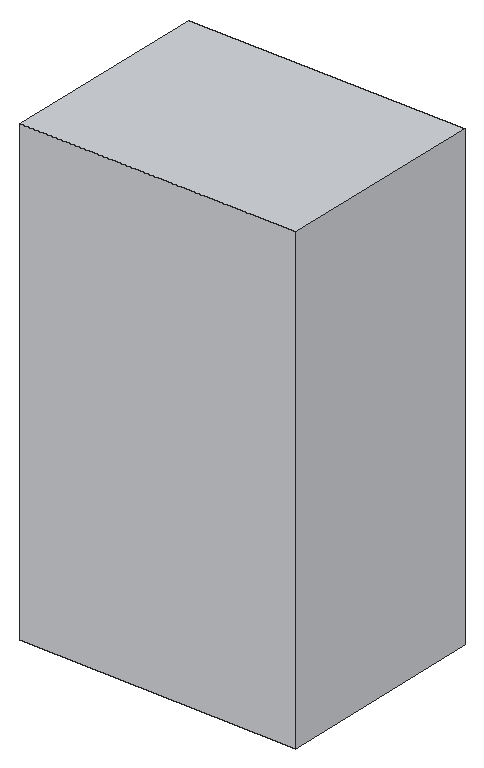
Revit family
Parameters
  Warranty Duration (Years) = 0
  Unit Width [instance] = 1' - 8 177/256"
  Unit Height [instance] = 0' - 9 99/256"
  Unit Depth = 0' - 0"
  URL = "http://www.americanspecialties.com/viewCategories.cfm"
  Trim Material = none
  Test Data = ""
  Specification = "http://www.arcat.com/sdspecs/htm/10810asi.htm"
  SpecWizard = ""
  Send Message = "http://www.arcat.com/users.pl?action=UserEmail&company=American%20Specialties,%20Inc.&coid=30448&rep=139&fax=914-476-0688&mf="
  Sales Information = "http://www.americanspecialties.com/contact"
  Revision = "R1_10-2010"
  Product Properties = "http://www.americanspecialties.com/datasheets/7320.pdf"
  Product Data = "http://www.arcat.com/arcatcos/cos30/arc30448.html"
  Model = "As Specified in 10 28 13"
  Manufacturer Website = "http://www.americanspecialties.com/viewCategories.cfm"
  Manufacturer Phone - Toll Free = ""
  Manufacturer Phone = "914-476-9000 "
  Manufacturer Fax = "914-476-0688"
  Manufacturer Address = "441 Saw Mill River Rd., Yonkers, NY 10701"
  Manufacturer = "American Specialties, Inc."
  Maintenance Schedule (Months) = 0
  Keynote = "10 28 13"
  Installation-Fabrication = "http://www.americanspecialties.com/products.cfm"
  Green Building-LEED = ""
  Expected Lifespan (Years) = 0
  Drawn By = "Robert S. Weygant. CSI, CDT, SCIP"  # constant formula
  Description = "Toilet Accessory as Specified in 10 28 13"
  Default Elevation = 4' - 0"
  Copyright = "©Arcat Inc."
  Construction Details = "http://www.arcat.com/green/clients/leed_data_30448.html"
  Building Codes = "http://www.americanspecialties.com/products.cfm"
  Body Material = Stainless Steel
  Assembly Code = "C1030210"
Reference planes (in)
  plane 1 "Center (Front/Back)": y = -0.29112
  plane 2 "Floor Line": z = 0
  plane 3 "Center (Left/Right)": x = -0.65843
  plane 4: z = 52.69336
  plane 5: x = -11.00414
  plane 6: x = 9.68727
  plane 7: z = 48
  plane 8: z = 57.38672
Forms (in)
  Extrusion 1, solid
    sketch origin (-3, -9, -6) x (0, 0, -1) y (1, 0, 0)
      loop
        line (-82, 26) -> (-82, -19.34712) -> (-6, -19.34712) -> (-6, 26) -> (-82, 26)
    from 9 to -25.60721
  Extrusion 2, solid, material "Stainless Steel" <- "Body Material"
    sketch origin (0, -0.04112, -2.60383) x (1, 0, 0) y (0, 0, 1)
      loop
        line (1.21657, 6.60383) -> (-2.53343, 6.60383)
        arc (-2.53343, 6.60383) -> (-2.71021, 6.53061) -> (-2.78343, 6.35383) r 0.25
        line (-2.78343, 6.35383) -> (-2.78343, 3.85383)
        arc (-2.78343, 3.85383) -> (-2.71021, 3.67706) -> (-2.53343, 3.60383) r 0.25
        line (-2.53343, 3.60383) -> (1.21657, 3.60383)
        arc (1.21657, 3.60383) -> (1.39334, 3.67706) -> (1.46657, 3.85383) r 0.25
        line (1.46657, 3.85383) -> (1.46657, 6.35383)
        arc (1.46657, 6.35383) -> (1.39334, 6.53061) -> (1.21657, 6.60383) r 0.25
    from 0 to 0.5
  Extrusion 3, solid, material "Stainless Steel" <- "Body Material"
    sketch origin (0, -0.29112, 0) x (1, 0, 0) y (0, 0, 1)
      loop
        arc (-1.51, 0.4375) -> (-1.61496, 0.39402) -> (-1.65843, 0.28906) r 0.14844
        line (-1.65843, 0.28906) -> (-1.65843, 0) -> (0.34157, 0) -> (0.34157, 0.28906)
        arc (0.34157, 0.28906) -> (0.29809, 0.39402) -> (0.19313, 0.4375) r 0.14844
        line (0.19313, 0.4375) -> (-1.51, 0.4375)
    from -0.25 to 1.75
  Extrusion 4, solid, material "Stainless Steel" <- "Body Material"
    sketch origin (0, 0, 0) x (1, 0, 0) y (0, 1, 0)
      loop
        line (-0.90843, -0.74112) -> (-0.90843, -1.34112) -> (-0.40843, -1.34112) -> (-0.40843, -0.74112) -> (-0.90843, -0.74112)
    from 0.4375 to 2.5
  Revolve 5, solid, material "Stainless Steel" <- "Body Material"
    sketch origin (0, 0, 2.5) x (1, 0, 0) y (0, 1, 0)
      loop
        line (-0.65843, -0.74112) -> (-0.40843, -0.74112)
        arc (-0.40843, -0.74112) -> (-0.02033, -0.69026) -> (0.34157, -0.54112) r 1.50625
        line (0.34157, -0.54112) -> (-0.65843, -0.54112) -> (-0.65843, -0.74112)
      axis (-0.65843, -0.74112) -> (-0.65843, -0.54112)
    angle from 0 to 360
  Extrusion 6, void
    sketch origin (0, 0, 0) x (1, 0, 0) y (0, 1, 0)
      loop
        spline (1.21657, -0.04112) -> (1.15268, 0.04251) -> (0.96536, 0.12045) -> (0.66739, 0.18737) -> (0.27907, 0.23872) -> (-0.17315, 0.271) -> (-0.65843, 0.28201) -> (-1.14372, 0.271) -> (-1.59593, 0.23872) -> (-1.98426, 0.18737) -> (-2.28223, 0.12045) -> (-2.46954, 0.04251) -> (-2.53343, -0.04112)
        spline (-2.53343, -0.04112) -> (-2.46954, -0.12475) -> (-2.28223, -0.20268) -> (-1.98426, -0.2696) -> (-1.59593, -0.32095) -> (-1.14372, -0.35323) -> (-0.65843, -0.36424) -> (-0.17315, -0.35323) -> (0.27907, -0.32095) -> (0.66739, -0.2696) -> (0.96536, -0.20268) -> (1.15268, -0.12475) -> (1.21657, -0.04112)
    from 1.25 to 3.75
  Sweep 7, void
    path origin (0, -0.29112, 0) x (1, 0, 0) y (0, 0, 1)
      loop
        arc (-2.53343, 4) -> (-2.71021, 3.92678) -> (-2.78343, 3.75) r 0.25
        line (-2.78343, 3.75) -> (-2.78343, 1.25)
        arc (-2.78343, 1.25) -> (-2.71021, 1.07322) -> (-2.53343, 1) r 0.25
        line (-2.53343, 1) -> (1.21657, 1)
        arc (1.21657, 1) -> (1.39334, 1.07322) -> (1.46657, 1.25) r 0.25
        line (1.46657, 1.25) -> (1.46657, 3.75)
        arc (1.46657, 3.75) -> (1.39334, 3.92678) -> (1.21657, 4) r 0.25
        line (1.21657, 4) -> (-2.53343, 4)
    profile origin (-0.65843, -0.29112, 4) x (0, 0, 1) y (0, -1, 0)
      loop
        line (0, -0.25) -> (0, -0.21529)
        arc (0, -0.21529) -> (-0.01017, -0.23983) -> (-0.03471, -0.25) r 0.03471
        line (-0.03471, -0.25) -> (0, -0.25)
Cuts and joins
  Extrusion 6, Sweep 7 cuts Extrusion 2
  Extrusion 6 cuts Extrusion 3
Dimensions and locks (in)
  equal spacing: plane 8, plane 4, plane 7
  equal spacing: plane 6, plane 3 "Center (Left/Right)", plane 5
  "Unit Width": plane 6 to plane 5
  "Unit Height": plane 8 to plane 7
  "Default Elevation": plane 7 to plane 2 "Floor Line"
  aligned and locked: Extrusion 1 to level
Automatic sketch dimensions
  Extrusion 1 sketch curve to Extrusion 1 sketch curve = 6' - 4"
  Extrusion 1 sketch curve to Extrusion 1 sketch curve = 3' - 9.34712"
  Extrusion 2 sketch curve to plane 3 "Center (Left/Right)" = 0' - 2 1/8"
  Extrusion 2 sketch curve to Extrusion 2 sketch curve = 0' - 0 1/4"  (x3)
  plane 3 "Center (Left/Right)" to Extrusion 2 sketch curve = 0' - 1 7/8"  (x2)
  level to Extrusion 2 sketch curve = 0' - 1"
  Extrusion 2 sketch curve to Extrusion 2 sketch curve = 0' - 2 1/2"
  Extrusion 3 sketch curve to level = 0' - 0"
  level to Extrusion 3 sketch curve = 0' - 0 37/128"  (x2)
  Extrusion 3 sketch curve to plane 3 "Center (Left/Right)" = 0' - 1"
  Extrusion 3 sketch curve to Extrusion 3 sketch curve = 0' - 0 19/128"
  plane 3 "Center (Left/Right)" to Extrusion 3 sketch curve = 0' - 0 109/128"
  Extrusion 4 sketch curve to plane 3 "Center (Left/Right)" = 0' - 0 1/4"
  plane 3 "Center (Left/Right)" to Extrusion 4 sketch curve = 0' - 0 1/4"
  plane 1 "Center (Front/Back)" to Extrusion 4 sketch curve = 0' - 1.05"
  plane 1 "Center (Front/Back)" to Extrusion 4 sketch curve = 0' - 0.45"
  Revolve 5 sketch curve to plane 3 "Center (Left/Right)" = 0' - 0"  (x2)
  plane 3 "Center (Left/Right)" to Revolve 5 sketch curve = 0' - 0 1/4"
  plane 1 "Center (Front/Back)" to Revolve 5 sketch curve = 0' - 0 1/4"
  Revolve 5 sketch curve to Revolve 5 sketch curve = 0' - 0 3/4"
  Revolve 5 sketch curve to Revolve 5 sketch curve = 0' - 0.2"
  Revolve 5 sketch curve to Revolve 5 sketch curve = 0' - 0"  (x2)
  Extrusion 6 sketch curve to plane 3 "Center (Left/Right)" = 0' - 0"
  Extrusion 6 sketch curve to plane 1 "Center (Front/Back)" = 0' - 0 1/4"
  Extrusion 6 sketch curve to Extrusion 6 sketch curve = 0' - 1 7/8"
  Sweep 7 sketch curve to plane 3 "Center (Left/Right)" = 0' - 2 1/8"
  Sweep 7 sketch curve to Sweep 7 sketch curve = 0' - 0 1/4"  (x3)
  plane 3 "Center (Left/Right)" to Sweep 7 sketch curve = 0' - 1 7/8"  (x2)
  level to Sweep 7 sketch curve = 0' - 1"
  Sweep 7 sketch curve to Sweep 7 sketch curve = 0' - 2 1/2"
  Sweep 7 sketch curve to profile plane = 0' - 0"  (x2)
  profile plane to Sweep 7 sketch curve = 0' - 0.03471"
  Sweep 7 sketch curve to Sweep 7 sketch curve = 0' - 0"  (x3)
  Sweep 7 sketch curve to plane 1 "Center (Front/Back)" = 0' - 0 1/4"
